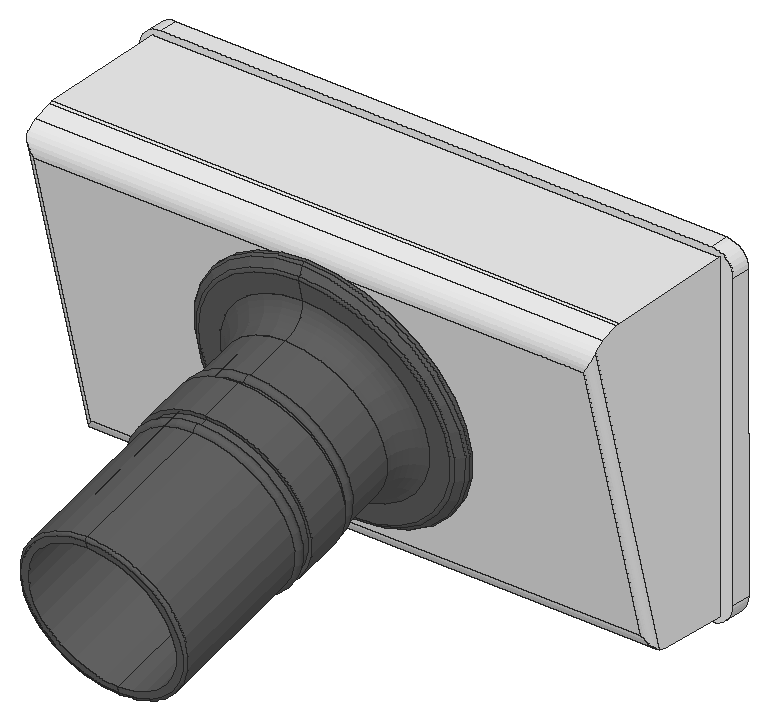
Revit family "Wall_Seal-Ariex-TSS-550-Titan-GS30", category Specialty Equipment, Revit 2012
Parameters (values of type "Standard")
  Width = 6.90"  # constant formula
  Unit = Plastic - Airex - Rigid
  URL = "http://www.airexmfg.com/index.htm"
  Technical Information = "http://www.airexmfg.com/prodspecs.htm"
  Submittal URL = "http://www.airexmfg.com/pdf/airexTitanGS30SSsubmittal2013.pdf"
  Sleeve = Plastic - Airex - Elastomeric
  Model = "TSS550"  # constant formula
  Manufacturer Phone = "(760) 343-2277"  # constant formula
  Manufacturer Fax = "(760) 343-5599"  # constant formula
  Manufacturer Email = "mailto:customerservice@airexmfg.com"
  Manufacturer Address = "72170 Dunham Way, Suite D , Thousand Palms, CA 92276."  # constant formula
  Manufacturer = "AIREX Manufacturing Inc."  # constant formula
  Length = 3.90"  # constant formula
  Inner Radius = Inner Diameter / 2  # 1.19"
  Inner Diameter = 2.38"  # constant formula
  Description = "Titan GS-30 Wall Seal System"  # constant formula
  Default Elevation = 0.00"
  Cost Info = "mailto:customerservice@airexmfg.com"
  Brochure URL = "http://www.airexmfg.com/titan.htm"
Reference planes (in)
  plane 1 "Center (Front/Back)": y = 0
  plane 2: z = 0
  plane 3 "Center (Left/Right)": x = 0
  plane 4: x = -3.45
  plane 5: x = 3.45
  plane 6: z = 3.9
  plane 7: z = 1.95
Dimensions and locks (in)
  equal spacing: plane 6, plane 7, level
  "Length": plane 6 to plane 2
  equal spacing: plane 5, plane 3 "Center (Left/Right)", plane 4
  "Width": plane 5 to plane 4
  aligned and locked: plane 2 to level
  aligned and locked: plane 3 "Center (Left/Right)" to nested 1
  aligned and locked: nested 1 to plane 2
  aligned and locked: nested 2 to plane 3 "Center (Left/Right)"
  aligned and locked: nested 2 to nested 1
Nested families (in)
  nested 1: "Wall Mounted Outlet-TSS" at (0, 0, 1.94922) x (1, 0, 0) z (0, -1, 0), type "Wall Mounted Outlet-TSS"
  nested 2: "Inlet Sleeve" at (0, -1.68376, 1.94908) x (-1, 0, 0) z (0, -0.9659, -0.2588), type "Inlet Sleeve"
Definition of nested family "Wall Mounted Outlet-TSS"
  Parameters (values of type "Wall Mounted Outlet-TSS")
    Width = 6.89844"  # constant formula
    Unit = Plastic - Airex - Rigid
    Inner Radius = Inner Diameter / 2  # 0.84375"
    Inner Diameter = 1.6875"
    Height = 3.89844"  # constant formula
    Default Elevation = 0.00"
  Reference planes (in)
    plane 1 "Center (Front/Back)": y = 0
    plane 2: z = 0
    plane 3 "Center (Left/Right)": x = 0
    plane 4: x = -3.44922
    plane 5: x = 3.44922
    plane 6: y = 1.94922
    plane 7: y = -1.94922
    plane 8: through (0, -0.00014, 1.68376) normal (0, 0.9659, 0.2588)
  Forms (in)
    Extrusion 1, solid, material "Plastic - Airex - Rigid" <- "Unit", detail levels medium+fine
      sketch origin (0, 0, 0) x (1, 0, 0) y (0, 1, 0)
        loop
          line (-3.44922, 1.69922) -> (-3.44922, -1.69922)
          arc (-3.44922, -1.69922) -> (-3.376, -1.876) -> (-3.19922, -1.94922) r 0.25
          line (-3.19922, -1.94922) -> (3.19922, -1.94922)
          arc (3.19922, -1.94922) -> (3.376, -1.876) -> (3.44922, -1.69922) r 0.25
          line (3.44922, -1.69922) -> (3.44922, 1.69922)
          arc (3.44922, 1.69922) -> (3.376, 1.876) -> (3.19922, 1.94922) r 0.25
          line (3.19922, 1.94922) -> (-3.19922, 1.94922)
          arc (-3.19922, 1.94922) -> (-3.376, 1.876) -> (-3.44922, 1.69922) r 0.25
      from 0 to 0.21955
    Sweep 2, void
      path in 3D
        loop
          line (-3.295, -2.89861, 0.90712) -> (-3.295, 1.75233, 2.15334)
      profile origin (-3.295, -0.57314, 1.53023) x (0, 0.258819, -0.965926) y (-1, 0, 0)
        loop
          line (0, 0) -> (0, -0.10163)
          arc (0, -0.10163) -> (0.02977, -0.02977) -> (0.10163, 0) r 0.10163
          line (0.10163, 0) -> (0, 0)
    Sweep 3, void
      path in 3D
        loop
          line (3.295, -3.0773, 0.85924) -> (3.295, 1.75233, 2.15334)
      profile origin (3.295, -0.66248, 1.50629) x (0, -0.258819, 0.965926) y (1, 0, 0)
        loop
          line (0, 0) -> (-0.10163, 0)
          arc (-0.10163, 0) -> (-0.02977, -0.02977) -> (0, -0.10163) r 0.10163
          line (0, -0.10163) -> (0, 0)
    Extrusion 4, void
      sketch origin (0, 0, 0) x (1, 0, 0) y (0, 1, 0)
        loop
          circle (0, 0) r 0.84375
      from 0.21955 to 2.42295
    Extrusion 5, solid, material "Plastic - Airex - Rigid" <- "Unit", detail levels fine
      sketch origin (0, 0, 0) x (0, 1, 0) y (0, 0, 1)
        loop
          arc (-1.65923, 1.23921) -> (-1.79018, 1.15336) -> (-1.84438, 1.00645) r 0.25
          line (-1.84438, 1.00645) -> (-1.87186, 0.21955) -> (1.87186, 0.21955) -> (1.82088, 1.67925)
          arc (1.82088, 1.67925) -> (1.81864, 1.69892) -> (1.81335, 1.718) r 0.12617
          line (1.81335, 1.718) -> (1.74191, 1.91428)
          arc (1.74191, 1.91428) -> (1.62242, 2.05053) -> (1.44228, 2.07026) r 0.25
          line (1.44228, 2.07026) -> (-1.65923, 1.23921)
      from -3.295 to 3.295
    Extrusion 6, solid, material "Plastic - Airex - Rigid" <- "Unit", detail levels coarse
      sketch origin (0, 0, 0) x (0, 1, 0) y (0, 0, 1)
        loop
          line (-1.83792, 1.19133) -> (-1.87186, 0.21955) -> (-1.94922, 0.21955) -> (-1.94922, 0) -> (1.94922, 0) -> (1.94922, 0.21955) -> (1.87186, 0.21955) -> (1.80385, 2.16714) -> (-1.83792, 1.19133)
      from -3.44922 to 3.44922
    Extrusion 7, solid, material "Plastic - Airex - Rigid" <- "Unit", detail levels medium
      sketch origin (0, 0, 0) x (0, 1, 0) y (0, 0, 1)
        loop
          arc (-1.65923, 1.23921) -> (-1.79018, 1.15336) -> (-1.84438, 1.00645) r 0.25
          line (-1.84438, 1.00645) -> (-1.87186, 0.21955) -> (1.87186, 0.21955) -> (1.82088, 1.67925)
          arc (1.82088, 1.67925) -> (1.81864, 1.69892) -> (1.81335, 1.718) r 0.12617
          line (1.81335, 1.718) -> (1.74191, 1.91428)
          arc (1.74191, 1.91428) -> (1.62242, 2.05053) -> (1.44228, 2.07026) r 0.25
          line (1.44228, 2.07026) -> (-1.65923, 1.23921)
      from -3.295 to 3.295
  Cuts and joins
    Sweep 2, Sweep 3, Extrusion 4 cuts Extrusion 1
    Sweep 2, Sweep 3, Extrusion 4 cuts Extrusion 5
  Lines and regions (in)
    sketch lines
      curve 1: line (-3.295, -2.89861, 0.90712) -> (-3.295, 1.75233, 2.15334)
      curve 2: line (3.295, -3.0773, 0.85924) -> (3.295, 1.75233, 2.15334)
    symbolic lines, style "Wall Mounted Outlet"
      curve 3: line (3.19922, 1.94922, 0) -> (-3.19922, 1.94922, 0)
      curve 4: arc (-3.19922, 1.94922, 0) -> (-3.376, 1.876, 0) -> (-3.44922, 1.69922, 0) r 0.25
      curve 5: line (-3.44922, 1.69922, 0) -> (-3.44922, -1.69922, 0)
      curve 6: arc (-3.44922, -1.69922, 0) -> (-3.376, -1.876, 0) -> (-3.19922, -1.94922, 0) r 0.25
      curve 7: line (-3.19922, -1.94922, 0) -> (3.19922, -1.94922, 0)
      curve 8: arc (3.19922, -1.94922, 0) -> (3.376, -1.876, 0) -> (3.44922, -1.69922, 0) r 0.25
      curve 9: line (3.44922, -1.69922, 0) -> (3.44922, 1.69922, 0)
      curve 10: arc (3.44922, 1.69922, 0) -> (3.376, 1.876, 0) -> (3.19922, 1.94922, 0) r 0.25
      curve 11: line (-3.295, 1.87186, 0) -> (3.295, 1.87186, 0)
      curve 12: line (-3.295, -1.87186, 0) -> (-3.295, 1.87186, 0)
      curve 13: line (3.295, -1.87186, 0) -> (-3.295, -1.87186, 0)
      curve 14: line (3.295, 1.87186, 0) -> (3.295, -1.87186, 0)
      curve 15: circle (0, 0, 0) r 0.84375 normal (0, 0, 1)
      curve 24: line (0, 1.87186, 0.21955) -> (0, -1.87186, 0.21955)
    symbolic lines, style "Wall Mounted Outlet", detail levels coarse
      curve 16: line (0, -1.83792, 1.19133) -> (0, 1.80385, 2.16714)
      curve 17: line (0, 1.80385, 2.16714) -> (0, 1.87186, 0.21955)
      curve 18: line (0, 1.87186, 0.21955) -> (0, 1.94922, 0.21955)
      curve 19: line (0, 1.94922, 0.21955) -> (0, 1.94922, 0)
      curve 20: line (0, 1.94922, 0) -> (0, -1.94922, 0)
      curve 21: line (0, -1.94922, 0) -> (0, -1.94922, 0.21955)
      curve 22: line (0, -1.94922, 0.21955) -> (0, -1.87186, 0.21955)
      curve 23: line (0, -1.87186, 0.21955) -> (0, -1.83792, 1.19133)
      curve 36: line (3.44922, 0, 2.16714) -> (-3.44922, 0, 2.16714)
      curve 37: line (-3.44922, 0, 2.16714) -> (-3.44922, 0, 0)
      curve 38: line (-3.44922, 0, 1.19133) -> (3.44922, 0, 1.19133)
      curve 39: line (3.44922, 0, 0.21955) -> (-3.44922, 0, 0.21955)
      curve 40: line (-3.44922, 0, 0) -> (3.44922, 0, 0)
      curve 41: line (3.44922, 0, 0) -> (3.44922, 0, 2.16714)
    symbolic lines, style "Wall Mounted Outlet", detail levels medium+fine
      curve 25: line (0, -1.6634, 1.23809) -> (0, 1.44219, 2.07027)
      curve 26: line (0, 1.82019, 1.69922) -> (0, 1.87186, 0.21955)
      curve 27: line (0, 1.87186, 0.21955) -> (0, 1.94922, 0.21955)
      curve 28: line (0, 1.94922, 0.21955) -> (0, 1.94922, 0)
      curve 29: line (0, 1.94922, 0) -> (0, -1.94922, 0)
      curve 30: line (0, -1.94922, 0) -> (0, -1.94922, 0.21955)
      curve 31: line (0, -1.94922, 0.21955) -> (0, -1.87186, 0.21955)
      curve 32: line (0, -1.87186, 0.21955) -> (0, -1.84438, 1.00645)
      curve 33: line (0, 1.82019, 1.69922) -> (0, 1.74181, 1.91424)
      curve 34: arc (0, 1.74181, 1.91424) -> (0, 1.62233, 2.0505) -> (0, 1.44219, 2.07027) r 0.25006
      curve 35: arc (0, -1.84438, 1.00645) -> (0, -1.7915, 1.15166) -> (0, -1.6634, 1.23809) r 0.25017
      curve 48: line (3.44922, 0, 0.21955) -> (-3.44922, 0, 0.21955)
      curve 49: line (-3.44922, 0, 0) -> (3.44922, 0, 0)
      curve 50: line (-3.44922, 0, 0.21955) -> (-3.44922, 0, 0)
      curve 51: line (3.44922, 0, 0.21955) -> (3.44922, 0, 0)
    symbolic lines, style "Wall Mounted Outlet", detail levels medium
      curve 42: line (-3.295, 0, 2.0788) -> (3.295, 0, 2.0788)
      curve 43: line (-3.295, 0, 0.21955) -> (3.295, 0, 0.21955)
      curve 44: line (-3.295, 0, 2.0788) -> (-3.295, 0, 0.21955)
      curve 45: line (3.295, 0, 0.21955) -> (3.295, 0, 2.0788)
      curve 46: line (-3.295, 0, 1.23921) -> (3.295, 0, 1.23921)
    symbolic lines, style "Wall Mounted Outlet", detail levels fine
      curve 47: line (-3.295, 0, 2.02994) -> (-3.295, 0, 0.21955)
      curve 52: spline (3.24981, 0, 2.07846) -> (3.2549, 0, 2.07681) -> (3.25977, 0, 2.07468) -> (3.26442, 0, 2.07205) -> (3.26885, 0, 2.06894) -> (3.27303, 0, 2.06535) -> (3.27697, 0, 2.06129) -> (3.28066, 0, 2.05676) -> (3.28408, 0, 2.05179) -> (3.28723, 0, 2.04637) -> (3.2901, 0, 2.04051) -> (3.2927, 0, 2.03424) -> (3.295, 0, 2.02756)
      curve 53: spline (3.295, 0, 1.0974) -> (3.29182, 0, 1.11525) -> (3.28753, 0, 1.1323) -> (3.28216, 0, 1.14844) -> (3.27574, 0, 1.16355) -> (3.26832, 0, 1.17755) -> (3.25994, 0, 1.19034) -> (3.25065, 0, 1.20184) -> (3.24052, 0, 1.21198) -> (3.22961, 0, 1.2207) -> (3.218, 0, 1.22792) -> (3.20575, 0, 1.23362) -> (3.19294, 0, 1.23775)
      curve 54: spline (-3.19317, 0, 1.23789) -> (-3.20475, 0, 1.23395) -> (-3.21598, 0, 1.22832) -> (-3.22681, 0, 1.22106) -> (-3.23715, 0, 1.21221) -> (-3.24693, 0, 1.20182) -> (-3.2561, 0, 1.18998) -> (-3.26458, 0, 1.17675) -> (-3.27233, 0, 1.16222) -> (-3.27929, 0, 1.1465) -> (-3.28542, 0, 1.12969) -> (-3.29066, 0, 1.11189) -> (-3.295, 0, 1.09324)
      curve 55: line (3.295, 0, 0.21955) -> (3.295, 0, 2.02756)
      curve 56: spline (-0.83957, 0, 1.6838) -> (-0.81758, 0, 1.62604) -> (-0.73733, 0, 1.57184) -> (-0.60453, 0, 1.52507) -> (-0.42867, 0, 1.48905) -> (-0.22225, 0, 1.46636) -> (0, 0, 1.45862) -> (0.22225, 0, 1.46636) -> (0.42867, 0, 1.48905) -> (0.60453, 0, 1.52507) -> (0.73733, 0, 1.57184) -> (0.81758, 0, 1.62604) -> (0.83957, 0, 1.6838)
      curve 57: spline (0.83957, 0, 1.6838) -> (0.81758, 0, 1.74156) -> (0.73733, 0, 1.79576) -> (0.60453, 0, 1.84253) -> (0.42867, 0, 1.87855) -> (0.22225, 0, 1.90124) -> (0, 0, 1.90898) -> (-0.22225, 0, 1.90124) -> (-0.42867, 0, 1.87855) -> (-0.60453, 0, 1.84253) -> (-0.73733, 0, 1.79576) -> (-0.81758, 0, 1.74156) -> (-0.83957, 0, 1.6838)
      curve 58: spline (-3.295, 0, 2.02994) -> (-3.29289, 0, 2.03737) -> (-3.29023, 0, 2.04424) -> (-3.28702, 0, 2.05052) -> (-3.28329, 0, 2.0562) -> (-3.27904, 0, 2.06125) -> (-3.27429, 0, 2.06566) -> (-3.26904, 0, 2.06942) -> (-3.26332, 0, 2.07251) -> (-3.25715, 0, 2.07492) -> (-3.25054, 0, 2.07665) -> (-3.24352, 0, 2.07769) -> (-3.2361, 0, 2.07804)
      curve 59: line (-3.2361, 0, 2.07846) -> (3.24981, 0, 2.07846)
      curve 60: line (-3.19317, 0, 1.23789) -> (3.19294, 0, 1.23775)
  Dimensions and locks (in)
    equal spacing: plane 4, plane 3 "Center (Left/Right)", plane 5
    equal spacing: plane 6, plane 1 "Center (Front/Back)", plane 7
    "Height": plane 6 to plane 7
    "Width": plane 4 to plane 5
    "Inner Radius": radius of Extrusion 4 sketch curve
    "Inner Radius": radius of curve 15
    aligned and locked: plane 2 to level
    aligned and locked: Extrusion 1 sketch curve to plane 4
    aligned and locked: plane 7 to Extrusion 1 sketch curve
    aligned and locked: plane 5 to Extrusion 1 sketch curve
    aligned and locked: Extrusion 1 sketch curve to plane 6
    aligned and locked: plane 1 "Center (Front/Back)" to Extrusion 4 sketch curve
    aligned and locked: plane 3 "Center (Left/Right)" to Extrusion 4 sketch curve
    aligned and locked: Extrusion 6 to plane 4
    aligned and locked: Extrusion 6 to plane 5
    aligned and locked: curve 16 to Extrusion 6
    aligned and locked: curve 17 to Extrusion 6
    aligned and locked: curve 18 to Extrusion 6
    aligned and locked: curve 19 to Extrusion 6
    aligned and locked: curve 20 to Extrusion 6
    aligned and locked: curve 21 to Extrusion 6
    aligned and locked: curve 22 to Extrusion 6
    aligned and locked: curve 23 to Extrusion 6
    aligned and locked: curve 36 to Extrusion 6
    aligned and locked: curve 37 to Extrusion 6
    aligned and locked: curve 38 to Extrusion 6
    aligned and locked: curve 39 to Extrusion 6
    aligned and locked: curve 40 to Extrusion 6
    aligned and locked: curve 41 to Extrusion 6
    aligned and locked: Extrusion 7 to curve 43
    aligned and locked: curve 43 to Extrusion 7
    aligned and locked: curve 44 to Extrusion 7
    aligned and locked: curve 45 to Extrusion 7
    aligned and locked: curve 44 to curve 46
    aligned and locked: curve 46 to Extrusion 7
    aligned and locked: curve 47 to cut or joined group of Sweep 2, Sweep 3, Extrusion 4, Extrusion 5
    aligned and locked: curve 48 to cut or joined group of Extrusion 1, Sweep 2, Sweep 3, Extrusion 4
    aligned and locked: curve 49 to cut or joined group of Extrusion 1, Sweep 2, Sweep 3, Extrusion 4
    aligned and locked: curve 50 to cut or joined group of Extrusion 1, Sweep 2, Sweep 3, Extrusion 4
    aligned and locked: curve 51 to cut or joined group of Extrusion 1, Sweep 2, Sweep 3, Extrusion 4
    aligned and locked: curve 55 to cut or joined group of Sweep 2, Sweep 3, Extrusion 4, Extrusion 5
  Automatic sketch dimensions
    curve 5 to plane 4 = 0.00"
    plane 7 to curve 6 = 0.00"
    curve 3 to plane 6 = 0.00"
    plane 1 "Center (Front/Back)" to curve 15 = 0.00"
    curve 15 to plane 3 "Center (Left/Right)" = 0.00"
    curve 9 to plane 5 = 0.00"
    plane 4 to curve 12 = 0.15422"
    curve 12 to curve 6 = 0.09578"
    curve 11 to curve 4 = 0.09578"
    curve 8 to curve 9 = 0.25"
    curve 10 to curve 9 = 0.25"
    curve 7 to curve 14 = 0.09578"
    curve 14 to plane 7 = 0.07736"
    curve 11 to plane 6 = 0.07736"
    curve 20 to level = 0.00"
    curve 20 to plane 7 = 0.00"
    curve 19 to plane 6 = 0.00"
    curve 32 to plane 7 = 0.07736"
    curve 35 to plane 7 = 0.10484"
    curve 16 to plane 7 = 0.1113"
    curve 16 to curve 35 = 0.17452"
    curve 25 to curve 35 = 0.06904"
    curve 34 to plane 6 = 0.50703"
    curve 25 to curve 34 = 0.06464"
    curve 34 to plane 6 = 0.2074"
    curve 16 to plane 6 = 0.14537"
    curve 26 to plane 6 = 0.12903"
    curve 33 to curve 26 = 0.00"  (x2)
    curve 26 to plane 6 = 0.07736"
    level to curve 19 = 0.21955"
    curve 22 to curve 35 = 0.77809"
    curve 35 to curve 32 = 0.00882"
    curve 23 to curve 35 = 0.04676"
    curve 17 to curve 26 = 1.47967"
    curve 26 to curve 34 = 0.12949"
    curve 26 to curve 34 = 0.21502"
    plane 4 to Extrusion 1 sketch curve = 0.25"  (x2)
    plane 5 to Extrusion 1 sketch curve = 0.25"  (x2)
    profile plane to Sweep 2 sketch curve = 0.00"
    Sweep 2 sketch curve to profile plane = 0.00"
    Sweep 2 sketch curve to Sweep 2 sketch curve = 0.10163"
    Sweep 3 sketch curve to profile plane = 0.00"  (x2)
    Sweep 3 sketch curve to Sweep 3 sketch curve = 0.10163"
    Extrusion 5 sketch curve to plane 7 = 0.07736"
    Extrusion 5 sketch curve to plane 7 = 0.10484"
    Extrusion 5 sketch curve to plane 7 = 0.28998"
    Extrusion 5 sketch curve to Extrusion 5 sketch curve = 0.0647"  (x2)
    Extrusion 5 sketch curve to plane 6 = 0.50694"
    Extrusion 5 sketch curve to Extrusion 5 sketch curve = 0.1878"
    Extrusion 5 sketch curve to plane 6 = 0.20731"
    Extrusion 5 sketch curve to Extrusion 5 sketch curve = 0.11856"
    Extrusion 5 sketch curve to Extrusion 5 sketch curve = 0.00753"
    Extrusion 5 sketch curve to plane 6 = 0.07736"
    level to Extrusion 5 sketch curve = 0.21955"
    Extrusion 5 sketch curve to Extrusion 5 sketch curve = 0.77818"
    Extrusion 5 sketch curve to Extrusion 5 sketch curve = 0.00872"
    Extrusion 5 sketch curve to Extrusion 5 sketch curve = 1.4553"
    Extrusion 5 sketch curve to Extrusion 5 sketch curve = 0.0044"
    Extrusion 5 sketch curve to Extrusion 5 sketch curve = 0.15393"
    Extrusion 5 sketch curve to Extrusion 5 sketch curve = 0.19628"
    Extrusion 6 sketch curve to plane 7 = 0.00"
    Extrusion 6 sketch curve to level = 0.00"
    Extrusion 6 sketch curve to plane 6 = 0.00"
    Extrusion 6 sketch curve to plane 7 = 0.07736"
    Extrusion 6 sketch curve to plane 7 = 0.1113"
    Extrusion 6 sketch curve to plane 6 = 0.14537"
    Extrusion 6 sketch curve to plane 6 = 0.07736"
    Extrusion 6 sketch curve to Extrusion 6 sketch curve = 0.21955"
    level to Extrusion 6 sketch curve = 0.21955"
    Extrusion 6 sketch curve to Extrusion 6 sketch curve = 0.97178"
    Extrusion 6 sketch curve to Extrusion 6 sketch curve = 1.94759"
    Extrusion 7 sketch curve to plane 7 = 0.07736"
    Extrusion 7 sketch curve to plane 7 = 0.10484"
    Extrusion 7 sketch curve to plane 7 = 0.28998"
    Extrusion 7 sketch curve to Extrusion 7 sketch curve = 0.0647"  (x2)
    Extrusion 7 sketch curve to plane 6 = 0.50694"
    Extrusion 7 sketch curve to Extrusion 7 sketch curve = 0.1878"
    Extrusion 7 sketch curve to plane 6 = 0.20731"
    Extrusion 7 sketch curve to Extrusion 7 sketch curve = 0.11856"
    Extrusion 7 sketch curve to Extrusion 7 sketch curve = 0.00753"
    Extrusion 7 sketch curve to plane 6 = 0.07736"
    level to Extrusion 7 sketch curve = 0.21955"
    Extrusion 7 sketch curve to Extrusion 7 sketch curve = 0.77818"
    Extrusion 7 sketch curve to Extrusion 7 sketch curve = 0.00872"
    Extrusion 7 sketch curve to Extrusion 7 sketch curve = 1.4553"
    Extrusion 7 sketch curve to Extrusion 7 sketch curve = 0.0044"
    Extrusion 7 sketch curve to Extrusion 7 sketch curve = 0.15393"
    Extrusion 7 sketch curve to Extrusion 7 sketch curve = 0.19628"
    curve 48 to plane 4 = 0.00"
    curve 57 to plane 3 "Center (Left/Right)" = 0.00"
    curve 56 to plane 3 "Center (Left/Right)" = 0.00"
    curve 51 to level = 0.00"
    curve 47 to curve 58 = 0.00"
    curve 42 to curve 58 = 0.02285"
    curve 58 to curve 59 = 0.03605"
    curve 59 to curve 58 = 0.00"
    curve 46 to curve 54 = 0.10183"
    curve 54 to curve 54 = 0.01314"
    curve 54 to curve 54 = 0.14076"
    curve 47 to curve 58 = 0.17555"
    curve 57 to curve 57 = 0.8401"
    curve 57 to curve 57 = 0.00053"
    curve 56 to curve 56 = 0.00053"
    curve 53 to curve 46 = 0.17555"
    curve 52 to curve 42 = 0.14076"
    curve 60 to curve 46 = 0.10206"
    curve 60 to curve 53 = 0.00691"
    curve 52 to curve 42 = 0.04519"
    curve 59 to curve 52 = 0.00737"
    curve 55 to curve 45 = 0.00"
    curve 43 to curve 55 = 0.00"
    curve 48 to curve 43 = 0.00"
    curve 55 to curve 43 = 0.00"
    curve 54 to curve 46 = 0.25623"
    curve 53 to curve 46 = 0.24918"
    curve 54 to curve 46 = 0.14597"
    curve 53 to curve 46 = 0.14181"
    curve 38 to curve 46 = 0.04788"
    level to curve 56 = 1.67605"
    curve 56 to curve 57 = 0.00775"  (x2)
    curve 53 to curve 52 = 0.60092"
    curve 54 to curve 58 = 0.61843"
    curve 55 to curve 52 = 0.04832"
    curve 47 to curve 58 = 0.03738"
    curve 58 to curve 47 = 0.00"
    curve 52 to curve 45 = 0.00292"
    curve 42 to curve 36 = 0.08834"
Definition of nested family "Inlet Sleeve"
  Parameters (values of type "Inlet Sleeve")
    Width = 7.50"
    Sleeve = Plastic - Airex - Elastomeric
    Outer Radius = Outer Diameter / 2  # 0.96875"
    Outer Diameter = Inner Diameter + (2 * 0.125")  # 1.9375"
    Length = 10.00"
    Inner Radius = Inner Diameter / 2  # 0.84375"
    Inner Diameter = 1.6875"
    Default Elevation = 48.00"
  Reference planes (in)
    plane 1 "Center (Front/Back)": y = 0
    plane 2: z = 0
    plane 3 "Center (Left/Right)": x = 0
    plane 4: y = 0.84999
    plane 5: y = -0.84999
  Forms (in)
    Revolve 1, solid, material "Plastic - Airex - Elastomeric" <- "Sleeve"
      sketch origin (0, -0.57033, -1.88485) x (0, 0.962989, -0.269539) y (0, 0.269539, 0.962989)
        loop
          line (0.85371, 2.19624) -> (1.54586, 2.38997) -> (1.53543, 2.42722)
          arc (1.53543, 2.42722) -> (1.5254, 2.44693) -> (1.50854, 2.46125) r 0.05624
          line (1.50854, 2.46125) -> (1.42335, 2.50847)
          arc (1.42335, 2.50847) -> (1.40052, 2.51582) -> (1.37662, 2.51394) r 0.06194
          line (1.37662, 2.51394) -> (1.14609, 2.44942)
          arc (1.14609, 2.44942) -> (0.94808, 2.51981) -> (0.83086, 2.69423) r 0.33526
          line (0.83086, 2.69423) -> (0.68805, 3.20448)
          arc (0.68805, 3.20448) -> (0.70817, 3.26362) -> (0.66027, 3.30372) r 0.05525
          line (0.66027, 3.30372) -> (0.64461, 3.35964) -> (0.69032, 3.37244) -> (0.55555, 3.85393) -> (0.50984, 3.84114) -> (0.48546, 3.92824)
          arc (0.48546, 3.92824) -> (0.50957, 3.99101) -> (0.45638, 4.03214) r 0.05632
          line (0.45638, 4.03214) -> (0.02653, 5.5679)
          arc (0.02653, 5.5679) -> (0.01227, 5.58606) -> (-0.01066, 5.58882) r 0.03017
          line (-0.01066, 5.58882) -> (-0.08968, 5.5667) -> (0.85371, 2.19624)
        axis (-0.9022, 5.33928) -> (0.04119, 1.96882)
      angle from 0 to 360
  Lines and regions (in)
    Masking region 1
      outline origin (0, 0, 0) x (1, 0, 0) y (0, 0, 1)
        loop
          line (-0.96875, 3.46983) -> (-0.96875, 1.87505)
          arc (-0.96875, 1.87505) -> (-1.00889, 1.8211) -> (-0.96875, 1.76715) r 0.05632
          line (-0.96875, 1.76715) -> (-0.96875, 1.6767) -> (-1.01621, 1.6767) -> (-1.01621, 1.1767) -> (-0.96875, 1.1767) -> (-0.96875, 1.11863)
          arc (-0.96875, 1.11863) -> (-1.00407, 1.0671) -> (-0.96875, 1.01557) r 0.05525
          line (-0.96875, 1.01557) -> (-0.96875, 0.51557)
          arc (-0.96875, 0.51557) -> (-1.04319, 0.29515) -> (-1.23604, 0.165) r 0.36355
          line (-1.23604, 0.165) -> (-1.43294, 0.165)
          arc (-1.43294, 0.165) -> (-1.45647, 0.16036) -> (-1.47646, 0.14713) r 0.06194
          line (-1.47646, 0.14713) -> (-1.54577, 0.0787)
          arc (-1.54577, 0.0787) -> (-1.55815, 0.06036) -> (-1.5625, 0.03868) r 0.05624
          line (-1.5625, 0.03868) -> (-1.5625, 0) -> (1.5625, 0) -> (1.5625, 0.03868)
          arc (1.5625, 0.03868) -> (1.55815, 0.06036) -> (1.54577, 0.0787) r 0.05624
          line (1.54577, 0.0787) -> (1.47646, 0.14713)
          arc (1.47646, 0.14713) -> (1.45647, 0.16036) -> (1.43294, 0.165) r 0.06194
          line (1.43294, 0.165) -> (1.23604, 0.165)
          arc (1.23604, 0.165) -> (1.04319, 0.29515) -> (0.96875, 0.51557) r 0.36355
          line (0.96875, 0.51557) -> (0.96875, 1.01557)
          arc (0.96875, 1.01557) -> (1.00407, 1.0671) -> (0.96875, 1.11863) r 0.05525
          line (0.96875, 1.11863) -> (0.96875, 1.1767) -> (1.01621, 1.1767) -> (1.01621, 1.6767) -> (0.96875, 1.6767) -> (0.96875, 1.76715)
          arc (0.96875, 1.76715) -> (1.00889, 1.8211) -> (0.96875, 1.87505) r 0.05632
          line (0.96875, 1.87505) -> (0.96875, 3.46983)
          arc (0.96875, 3.46983) -> (0.95991, 3.49116) -> (0.93858, 3.5) r 0.03017
          line (0.93858, 3.5) -> (-0.93858, 3.5)
          arc (-0.93858, 3.5) -> (-0.95991, 3.49116) -> (-0.96875, 3.46983) r 0.03017
    Masking region 2
      outline origin (0, 0, 0) x (0, 1, 0) y (0, 0, 1)
        loop
          line (0.93858, 3.50025) -> (-0.93858, 3.50025)
          arc (-0.93858, 3.50025) -> (-0.95991, 3.49141) -> (-0.96875, 3.47007) r 0.03017
          line (-0.96875, 3.47007) -> (-0.96875, 1.86805)
          arc (-0.96875, 1.86805) -> (-1.00889, 1.8141) -> (-0.96875, 1.76016) r 0.05632
          line (-0.96875, 1.76016) -> (-0.96875, 1.6767) -> (-1.01621, 1.6767) -> (-1.01621, 1.1767) -> (-0.96875, 1.1767) -> (-0.96875, 1.11164)
          arc (-0.96875, 1.11164) -> (-0.99082, 1.05982) -> (-0.95598, 1.01557) r 0.05525
          line (-0.95598, 1.01557) -> (-0.95598, 0.48572)
          arc (-0.95598, 0.48572) -> (-1.02184, 0.28615) -> (-1.19355, 0.165) r 0.33526
          line (-1.19355, 0.165) -> (-1.43294, 0.165)
          arc (-1.43294, 0.165) -> (-1.45647, 0.16036) -> (-1.47646, 0.14713) r 0.06194
          line (-1.47646, 0.14713) -> (-1.54577, 0.0787)
          arc (-1.54577, 0.0787) -> (-1.55815, 0.06036) -> (-1.5625, 0.03868) r 0.05624
          line (-1.5625, 0.03868) -> (-1.5625, 0) -> (1.5625, 0) -> (1.5625, 0.03868)
          arc (1.5625, 0.03868) -> (1.55815, 0.06036) -> (1.54577, 0.0787) r 0.05624
          line (1.54577, 0.0787) -> (1.47646, 0.14713)
          arc (1.47646, 0.14713) -> (1.45647, 0.16036) -> (1.43294, 0.165) r 0.06194
          line (1.43294, 0.165) -> (1.19355, 0.165)
          arc (1.19355, 0.165) -> (1.02184, 0.28615) -> (0.95598, 0.48572) r 0.33526
          line (0.95598, 0.48572) -> (0.95598, 1.01557)
          arc (0.95598, 1.01557) -> (0.99082, 1.05982) -> (0.96875, 1.11164) r 0.05525
          line (0.96875, 1.11164) -> (0.96875, 1.1767) -> (1.01621, 1.1767) -> (1.01621, 1.6767) -> (0.96875, 1.6767) -> (0.96875, 1.76016)
          arc (0.96875, 1.76016) -> (1.00889, 1.8141) -> (0.96875, 1.86805) r 0.05632
          line (0.96875, 1.86805) -> (0.96875, 3.47007)
          arc (0.96875, 3.47007) -> (0.95991, 3.49141) -> (0.93858, 3.50025) r 0.03017
    Masking region 3
      outline origin (0, 0, 0) x (1, 0, 0) y (0, 1, 0)
        loop
          circle (0, 0) r 1.5625
        loop
          circle (0, 0) r 0.84375
    symbolic lines, style "Sleeve"
      curve 1: line (0.96875, 0, 1.87505) -> (-0.96875, 0, 1.87505)
      curve 2: line (-0.96875, 0, 1.76715) -> (0.96875, 0, 1.76715)
      curve 3: line (0.96875, 0, 1.6767) -> (-0.96875, 0, 1.6767)
      curve 4: line (-1.01621, 0, 1.1767) -> (1.01621, 0, 1.1767)
      curve 5: line (0.96875, 0, 1.11863) -> (-0.96875, 0, 1.11863)
      curve 6: line (-0.96875, 0, 1.01557) -> (0.96875, 0, 1.01557)
      curve 7: line (1.23604, 0, 0.165) -> (-1.23604, 0, 0.165)
      curve 8: line (0, -0.96875, 1.86805) -> (0, 0.96875, 1.86805)
      curve 9: line (0, -0.96875, 1.76016) -> (0, 0.96875, 1.76016)
      curve 10: line (0, 0.96875, 1.6767) -> (0, -1.01621, 1.6767)
      curve 11: line (0, 0.96875, 1.1767) -> (0, -0.96875, 1.1767)
      curve 12: line (0, -0.96875, 1.11863) -> (0, 0.96875, 1.11863)
      curve 13: line (0, -0.95598, 1.01557) -> (0, 0.95598, 1.01557)
      curve 14: line (0, 1.19355, 0.165) -> (0, -1.19355, 0.165)
      curve 15: circle (0, 0, 0) r 0.84375 normal (0, 0, 1)
      curve 16: circle (0, 0, 0) r 0.96875 normal (0, 0, 1)
  Dimensions and locks (in)
    "Outer Radius": plane 3 "Center (Left/Right)" to Masking region 1 sketch curve
    "Outer Radius": Masking region 1 sketch curve to plane 3 "Center (Left/Right)"
    "Outer Radius": plane 1 "Center (Front/Back)" to Masking region 2 sketch curve
    "Outer Radius": Masking region 2 sketch curve to plane 1 "Center (Front/Back)"
    locked: Revolve 1 sketch curve to Revolve 1 sketch curve at 0.11223
    locked: Revolve 1 sketch curve to Revolve 1 sketch curve at 0.09604
    locked: Revolve 1 sketch curve to Revolve 1 sketch curve at 0.0923
    locked: Revolve 1 sketch curve to Revolve 1 sketch curve at 0.04746
    Revolve 1 sketch curve to Revolve 1 sketch curve to Revolve 1 sketch curve to Revolve 1 sketch curve to Revolve 1 sketch curve = 0.1096" locked, 0.50" locked, 0.1444" locked, 1.6789" locked
    "Inner Radius": Revolve 1 sketch curve to plane 1 "Center (Front/Back)"
    "Inner Radius": radius of curve 15
    "Outer Radius": radius of curve 16
    "Inner Radius": radius of Masking region 3 sketch curve
    aligned and locked: plane 2 to level
    aligned and locked: Masking region 2 to curve 9
    aligned and locked: curve 8 to Masking region 2
    aligned and locked: curve 10 to Masking region 2  (x2)
    aligned and locked: Masking region 2 to curve 11
    aligned and locked: Masking region 2 to curve 12  (x2)
    aligned and locked: Masking region 2 to curve 13
    aligned and locked: curve 13 to Masking region 2
    aligned and locked: curve 11 to Masking region 2
    aligned and locked: curve 9 to Masking region 2
    aligned and locked: Masking region 2 to curve 8
    aligned and locked: Masking region 1 to curve 1
    aligned and locked: Masking region 1 to curve 2  (x2)
    aligned and locked: Masking region 1 to curve 3
    aligned and locked: Masking region 1 to curve 4
    aligned and locked: curve 6 to Masking region 1
    aligned and locked: Masking region 1 to curve 5
    aligned and locked: Masking region 1 to curve 6
    aligned and locked: curve 5 to Masking region 1
    aligned and locked: curve 4 to Masking region 1
    aligned and locked: curve 3 to Masking region 1
    aligned and locked: curve 1 to Masking region 1
  Automatic sketch dimensions
    curve 15 to curve 16 = 0.00"  (x2)
    plane 1 "Center (Front/Back)" to curve 16 = 0.00"
    curve 16 to plane 3 "Center (Left/Right)" = 0.00"
    Masking region 2 sketch curve to level = 0.00"
    plane 5 to Masking region 2 sketch curve = 0.16621"
    level to Masking region 2 sketch curve = 0.165"  (x2)
    plane 5 to Masking region 2 sketch curve = 0.34356"
    Masking region 2 sketch curve to Masking region 2 sketch curve = 0.09769"  (x2)
    level to Masking region 2 sketch curve = 0.10306"  (x2)
    Masking region 2 sketch curve to Masking region 2 sketch curve = 0.23939"  (x2)
    Masking region 2 sketch curve to Masking region 2 sketch curve = 0.04352"  (x2)
    level to Masking region 2 sketch curve = 0.03868"  (x2)
    Masking region 2 sketch curve to Masking region 2 sketch curve = 0.07331"  (x2)
    level to Masking region 2 sketch curve = 0.0787"
    Masking region 2 sketch curve to Masking region 2 sketch curve = 0.03952"  (x2)
    Masking region 2 sketch curve to Masking region 2 sketch curve = 0.04746"  (x3)
    plane 5 to Masking region 2 sketch curve = 0.10599"
    Masking region 2 sketch curve to Masking region 2 sketch curve = 0.01619"  (x3)
    Masking region 2 sketch curve to Masking region 2 sketch curve = 0.03017"  (x2)
    Masking region 2 sketch curve to Masking region 2 sketch curve = 0.0327"  (x2)
    plane 4 to Masking region 2 sketch curve = 0.08606"
    plane 4 to Masking region 2 sketch curve = 0.10599"
    plane 4 to Masking region 2 sketch curve = 0.34356"
    Masking region 2 sketch curve to Masking region 2 sketch curve = 0.01673"
    Masking region 2 sketch curve to Masking region 2 sketch curve = 0.52986"  (x2)
    Masking region 2 sketch curve to Masking region 2 sketch curve = 0.05153"  (x2)
    Masking region 2 sketch curve to Masking region 2 sketch curve = 0.06507"  (x2)
    Masking region 2 sketch curve to Masking region 2 sketch curve = 0.50"  (x2)
    Masking region 2 sketch curve to Masking region 2 sketch curve = 0.08345"  (x2)
    Masking region 2 sketch curve to Masking region 2 sketch curve = 0.05395"  (x2)
    Masking region 2 sketch curve to Masking region 2 sketch curve = 1.60202"
    Revolve 1 sketch curve to plane 1 "Center (Front/Back)" = 0.00"  (x2)
    Revolve 1 sketch curve to Revolve 1 sketch curve = 0.02285"
    Revolve 1 sketch curve to Revolve 1 sketch curve = 0.14055"
    Revolve 1 sketch curve to Revolve 1 sketch curve = 0.00227"
    Revolve 1 sketch curve to Revolve 1 sketch curve = 0.03005"
    Revolve 1 sketch curve to Revolve 1 sketch curve = 0.03308"
    Revolve 1 sketch curve to Revolve 1 sketch curve = 0.0457"
    Revolve 1 sketch curve to Revolve 1 sketch curve = 0.13477"
    Revolve 1 sketch curve to Revolve 1 sketch curve = 0.03013"
    Revolve 1 sketch curve to Revolve 1 sketch curve = 0.11621"
    Revolve 1 sketch curve to Revolve 1 sketch curve = 0.02906"
    Revolve 1 sketch curve to Revolve 1 sketch curve = 0.00813"
    Revolve 1 sketch curve to Revolve 1 sketch curve = 1.77175"
    Revolve 1 sketch curve to Revolve 1 sketch curve = 0.11378"
    Revolve 1 sketch curve to Revolve 1 sketch curve = 0.29238"
    Revolve 1 sketch curve to Revolve 1 sketch curve = 0.32286"
    Revolve 1 sketch curve to Revolve 1 sketch curve = 0.23053"
    Revolve 1 sketch curve to Revolve 1 sketch curve = 0.0167"
    Revolve 1 sketch curve to Revolve 1 sketch curve = 0.04672"
    Revolve 1 sketch curve to Revolve 1 sketch curve = 0.08795"
    Revolve 1 sketch curve to Revolve 1 sketch curve = 0.02727"
    Revolve 1 sketch curve to Revolve 1 sketch curve = 0.02689"
    Revolve 1 sketch curve to Revolve 1 sketch curve = 0.01042"
    Revolve 1 sketch curve to Revolve 1 sketch curve = 0.01516"
    Revolve 1 sketch curve to Revolve 1 sketch curve = 0.04224"
    Revolve 1 sketch curve to Revolve 1 sketch curve = 0.05417"
    Revolve 1 sketch curve to Revolve 1 sketch curve = 0.24481"
    Revolve 1 sketch curve to Revolve 1 sketch curve = 0.06453"
    Revolve 1 sketch curve to level = 0.00"
    Masking region 1 sketch curve to level = 0.00"
    Masking region 1 sketch curve to Masking region 1 sketch curve = 0.00"  (x3)
    Masking region 1 sketch curve to Masking region 1 sketch curve = 0.04746"  (x2)
    level to Masking region 1 sketch curve = 0.165"  (x2)
    Masking region 1 sketch curve to Masking region 1 sketch curve = 0.26729"  (x2)
    Masking region 1 sketch curve to Masking region 1 sketch curve = 0.09626"
    Masking region 1 sketch curve to Masking region 1 sketch curve = 0.1969"  (x2)
    Masking region 1 sketch curve to Masking region 1 sketch curve = 0.04352"
    level to Masking region 1 sketch curve = 0.03868"  (x2)
    Masking region 1 sketch curve to Masking region 1 sketch curve = 0.07331"  (x2)
    level to Masking region 1 sketch curve = 0.0787"  (x2)
    Masking region 1 sketch curve to Masking region 1 sketch curve = 0.03952"  (x2)
    Masking region 1 sketch curve to Masking region 1 sketch curve = 0.01619"  (x3)
    Masking region 1 sketch curve to Masking region 1 sketch curve = 0.01993"  (x4)
    Masking region 1 sketch curve to Masking region 1 sketch curve = 0.03017"  (x2)
    Masking region 1 sketch curve to Masking region 1 sketch curve = 0.36355"
    level to Masking region 1 sketch curve = 0.10306"
    level to Masking region 1 sketch curve = 0.14713"
    Masking region 1 sketch curve to Masking region 1 sketch curve = 0.06194"
    Masking region 1 sketch curve to Masking region 1 sketch curve = 0.50"  (x4)
    Masking region 1 sketch curve to Masking region 1 sketch curve = 0.05153"  (x2)
    Masking region 1 sketch curve to Masking region 1 sketch curve = 0.05807"  (x2)
    Masking region 1 sketch curve to Masking region 1 sketch curve = 0.09045"  (x2)
    Masking region 1 sketch curve to Masking region 1 sketch curve = 0.05395"  (x2)
    Masking region 1 sketch curve to Masking region 1 sketch curve = 1.59478"
    level to curve 7 = 0.165"
    curve 7 to curve 6 = 0.26729"
    curve 6 to curve 7 = 0.26729"
    curve 7 to curve 6 = 0.85057"
    curve 6 to curve 5 = 0.10306"
    curve 5 to curve 4 = 0.05807"
    curve 4 to curve 3 = 0.50"
    curve 3 to curve 2 = 0.09045"
    curve 2 to curve 1 = 0.10789"
    level to curve 14 = 0.165"
    plane 5 to curve 14 = 0.34356"
    plane 4 to curve 14 = 0.34356"
    curve 14 to curve 13 = 0.85057"
    curve 13 to curve 12 = 0.10306"
    curve 12 to curve 11 = 0.05807"
    curve 11 to curve 10 = 0.50"
    curve 10 to curve 9 = 0.08345"
    curve 9 to curve 8 = 0.10789"
    Masking region 3 sketch curve to Masking region 3 sketch curve = 0.00"  (x2)
    plane 1 "Center (Front/Back)" to Masking region 3 sketch curve = 0.00"
    Masking region 3 sketch curve to plane 3 "Center (Left/Right)" = 0.00"
    radius of Masking region 3 sketch curve = 1.5625"
